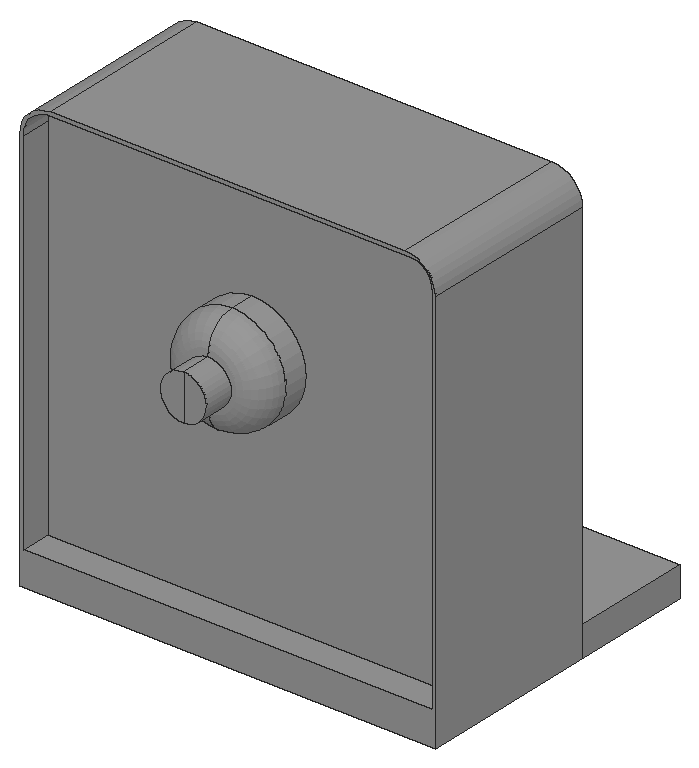
Revit family "Hand_Sink-Willoughby-CES-912", category Plumbing Fixtures, Revit 2015
Parameters (values of type "Standard")
  Waste DIA = 1 1/2"
  Waste Connection = yes
  Vent Connection = no
  URL = "https://www.willoughby-ind.com/wp-content/uploads/2018/01/CES-912-1.pdf"
  Revision = "A"
  Model = "CES-912"
  Manufacturer = "Willoughby Industries"
  HW Connection = no
  Fixture Body = Stainless Steel AISI 304-Willoughby
  Description = "Commercial Hand Sink"
  Default Elevation = 0' - 0"
  Contact = "(800) 428-4065"
  CW Connection = no
Reference planes (in)
  plane 1 "Center (Front/Back)": y = 0
  plane 2: z = 0
  plane 3 "Center (Left/Right)": x = 0
  plane 4 "Sink HGT": y = 34
  plane 5 "Top Of Unit": y = 38
  plane 6 "Bottom Of Sink": y = 28
  plane 7 "Left Side": x = -6.8125
  plane 8 "Right Side": x = 6.8125
  plane 9: z = 14.25
  plane 10 "Sink Center": z = 8.71079
Forms (in)
  Extrusion 1, solid, material "Stainless Steel AISI 304-Willoughby" <- "Fixture Body"
    sketch origin (0, 0, 0) x (0, 1, 0) y (0, 0, 1)
      loop
        line (38, 0) -> (38, 1) -> (34, 1) -> (34, 0) -> (38, 0)
    from -6.8125 to 6.8125
  Extrusion 2, solid, material "Stainless Steel AISI 304-Willoughby" <- "Fixture Body"
    sketch origin (0, 34, 0) x (-1, 0, 0) y (0, 0, 1)
      loop
        line (-6.8125, 0) -> (6.8125, 0) -> (6.8125, 13.25)
        arc (6.8125, 13.25) -> (6.51961, 13.95711) -> (5.8125, 14.25) r 1
        line (5.8125, 14.25) -> (-5.8125, 14.25)
        arc (-5.8125, 14.25) -> (-6.51961, 13.95711) -> (-6.8125, 13.25) r 1
        line (-6.8125, 13.25) -> (-6.8125, 0)
    from 0 to -6
  Extrusion 3, void
    sketch origin (0, 28, 0) x (-1, 0, 0) y (0, 0, 1)
      loop
        line (6.70152, 1.08579) -> (6.70152, 13.25)
        arc (6.70152, 13.25) -> (6.43572, 13.89171) -> (5.79401, 14.15751) r 0.90751
        line (5.79401, 14.15751) -> (-5.91507, 14.15751)
        arc (-5.91507, 14.15751) -> (-6.47542, 13.92541) -> (-6.70752, 13.36506) r 0.79245
        line (-6.70752, 13.36506) -> (-6.70752, 1.08579) -> (6.70152, 1.08579)
    from 0 to 1
  Extrusion 4, void
    sketch origin (0, 34, 0) x (-1, 0, 0) y (0, 0, 1)
      loop
        arc (-5.75, 4.83579) -> (-5.53033, 4.30546) -> (-5, 4.08579) r 0.75
        line (-5, 4.08579) -> (5, 4.08579)
        arc (5, 4.08579) -> (5.53033, 4.30546) -> (5.75, 4.83579) r 0.75
        line (5.75, 4.83579) -> (5.75, 12.58579)
        arc (5.75, 12.58579) -> (5.53033, 13.11612) -> (5, 13.33579) r 0.75
        line (5, 13.33579) -> (-5, 13.33579)
        arc (-5, 13.33579) -> (-5.53033, 13.11612) -> (-5.75, 12.58579) r 0.75
        line (-5.75, 12.58579) -> (-5.75, 4.83579)
    from 0 to -4.8125
  Revolve 5, solid, material "Stainless Steel AISI 304-Willoughby" <- "Fixture Body", detail levels medium+fine
    sketch origin (0, 0, 0) x (0, 1, 0) y (0, 0, 1)
      loop
        line (29.1875, 10.46079) -> (28.1875, 10.46079)
        arc (28.1875, 10.46079) -> (27.48039, 10.1679) -> (27.1875, 9.46079) r 1
        line (27.1875, 9.46079) -> (26.1875, 9.46079) -> (26.1875, 8.71079) -> (29.1875, 8.71079) -> (29.1875, 10.46079)
      axis (29.1875, 8.71079) -> (26.1875, 8.71079)
    angle from 0 to 360
Cuts and joins
  Extrusion 3, Extrusion 4 cuts Extrusion 2
Lines and regions (in)
  symbolic lines
    curve 1: line (-6.8125, 28, 0) -> (-6.8125, 38, 0)
    curve 2: line (-6.8125, 38, 0) -> (6.8125, 38, 0)
    curve 3: line (6.8125, 38, 0) -> (6.8125, 28, 0)
    curve 4: line (6.8125, 28, 0) -> (-6.8125, 28, 0)
    curve 12: line (-6.8125, 34, 0) -> (6.8125, 34, 0)
    curve 13: line (6.8125, 34, 0) -> (6.8125, 34, 13.25)
    curve 14: arc (6.8125, 34, 13.25) -> (6.51961, 34, 13.95711) -> (5.8125, 34, 14.25) r 1
    curve 15: line (5.8125, 34, 14.25) -> (-5.8125, 34, 14.25)
    curve 16: arc (-5.8125, 34, 14.25) -> (-6.51961, 34, 13.95711) -> (-6.8125, 34, 13.25) r 1
    curve 17: line (-6.8125, 34, 13.25) -> (-6.8125, 34, 0)
    curve 20: line (5.75, 34, 4.83579) -> (5.75, 34, 12.58579)
    curve 23: arc (5.75, 34, 12.58579) -> (5.53033, 34, 13.11612) -> (5, 34, 13.33579) r 0.75
    curve 30: line (0, 28, 0) -> (0, 34, 0)
    curve 31: line (0, 34, 0) -> (0, 34, 14.25)
    curve 32: line (0, 34, 14.25) -> (0, 28, 14.25)
    curve 33: line (0, 28, 14.25) -> (0, 28, 0)
  symbolic lines, detail levels medium+fine
    curve 5: line (-6.8125, 34, 0) -> (6.8125, 34, 0)
    curve 18: line (-6.8125, 34, 1) -> (6.8125, 34, 1)
    curve 34: line (0, 34, 1) -> (0, 38, 1)
    curve 35: line (0, 38, 1) -> (0, 38, 0)
    curve 36: line (0, 38, 0) -> (0, 34, 0)
  symbolic lines, detail levels fine
    curve 6: arc (1.75, 28, 0) -> (1.39937, 27.40991, 0) -> (0.75, 27.1875, 0) r 0.99453
    curve 7: line (0.75, 27.1875, 0) -> (0.75, 26.1875, 0)
    curve 8: line (0.75, 26.1875, 0) -> (-0.75, 26.1875, 0)
    curve 9: line (-0.75, 26.1875, 0) -> (-0.75, 27.1875, 0)
    curve 10: line (-0.75, 27.1875, 0) -> (0.75, 27.1875, 0)
    curve 11: arc (-0.75, 27.1875, 0) -> (-1.38201, 27.41753, 0) -> (-1.7183, 28, 0) r 0.98324
    curve 19: line (-5, 34, 4.08579) -> (5, 34, 4.08579)
    curve 21: line (5, 34, 13.33579) -> (-5, 34, 13.33579)
    curve 22: line (-5.75, 34, 12.58579) -> (-5.75, 34, 4.83579)
    curve 24: arc (-5, 34, 13.33579) -> (-5.53033, 34, 13.11612) -> (-5.75, 34, 12.58579) r 0.75
    curve 25: arc (-5.75, 34, 4.83579) -> (-5.53033, 34, 4.30546) -> (-5, 34, 4.08579) r 0.75
    curve 26: arc (5, 34, 4.08579) -> (5.53033, 34, 4.30546) -> (5.75, 34, 4.83579) r 0.75
    curve 27: arc (5.75, 34, 12.58579) -> (5.53033, 34, 13.11612) -> (5, 34, 13.33579) r 0.75
    curve 28: circle (0, 34, 8.71079) r 0.75 normal (0, 1, 0)
    curve 29: circle (0, 34, 8.71079) r 1.75 normal (0, 1, 0)
    curve 37: line (0, 27.1875, 9.46079) -> (0, 26.1875, 9.46079)
    curve 38: line (0, 26.1875, 9.46079) -> (0, 26.1875, 7.96079)
    curve 39: line (0, 26.1875, 7.96079) -> (0, 27.1875, 7.96079)
    curve 40: line (0, 27.1875, 7.96079) -> (0, 27.1875, 9.46079)
    curve 41: arc (0, 27.1875, 9.46079) -> (0, 27.4161, 10.10633) -> (0, 28, 10.46415) r 1.02577
    curve 42: arc (0, 27.1875, 7.96079) -> (0, 27.41753, 7.32878) -> (0, 28, 6.99249) r 0.98324
Dimensions and locks (in)
  equal spacing: plane 7 "Left Side", plane 3 "Center (Left/Right)", plane 8 "Right Side"
  plane 7 "Left Side" to plane 8 "Right Side" = 1' - 1 5/8"
  plane 4 "Sink HGT" to plane 6 "Bottom Of Sink" = 0' - 6"
  aligned and locked: Extrusion 1 to plane 4 "Sink HGT"
  aligned and locked: Extrusion 1 to level
  aligned and locked: plane 5 "Top Of Unit" to Extrusion 1
  aligned and locked: plane 7 "Left Side" to Extrusion 1
  aligned and locked: Extrusion 1 to plane 8 "Right Side"
  aligned and locked: Extrusion 2 to plane 8 "Right Side"
  aligned and locked: plane 7 "Left Side" to Extrusion 2
  aligned and locked: plane 9 to Extrusion 2
  aligned and locked: Extrusion 2 to level
  aligned and locked: Extrusion 2 to plane 6 "Bottom Of Sink"
  aligned and locked: plane 4 "Sink HGT" to Extrusion 2
  aligned and locked: Extrusion 2 to Extrusion 3
Automatic sketch dimensions
  Extrusion 1 sketch curve to plane 4 "Sink HGT" = 0' - 0"
  plane 5 "Top Of Unit" to Extrusion 1 sketch curve = 0' - 0"
  Extrusion 1 sketch curve to level = 0' - 0"
  level to Extrusion 1 sketch curve = 0' - 1"
  Extrusion 2 sketch curve to level = 0' - 0"
  plane 8 "Right Side" to Extrusion 2 sketch curve = 0' - 0"
  Extrusion 2 sketch curve to plane 9 = 0' - 0"
  plane 7 "Left Side" to Extrusion 2 sketch curve = 0' - 0"
  plane 8 "Right Side" to Extrusion 2 sketch curve = 0' - 1"
  Extrusion 2 sketch curve to plane 7 "Left Side" = 0' - 1"
  plane 8 "Right Side" to Extrusion 3 sketch curve = 0' - 0.10498"
  Extrusion 3 sketch curve to plane 9 = 0' - 0.09249"
  plane 8 "Right Side" to Extrusion 3 sketch curve = 0' - 0.89743"
  Extrusion 3 sketch curve to plane 7 "Left Side" = 0' - 1.01849"
  Extrusion 3 sketch curve to plane 7 "Left Side" = 0' - 0.11098"
  level to Extrusion 3 sketch curve = 0' - 1.08579"
  plane 8 "Right Side" to Extrusion 4 sketch curve = 0' - 1 1/16"
  Extrusion 4 sketch curve to Extrusion 4 sketch curve = 0' - 0 3/4"  (x3)
  Extrusion 4 sketch curve to plane 7 "Left Side" = 0' - 1 13/16"  (x2)
  level to Extrusion 4 sketch curve = 0' - 4.08579"
  Extrusion 4 sketch curve to plane 9 = 0' - 1.66421"
  Revolve 5 sketch curve to plane 10 "Sink Center" = 0' - 0"  (x2)
  Revolve 5 sketch curve to plane 6 "Bottom Of Sink" = 0' - 1 13/16"
  Revolve 5 sketch curve to plane 6 "Bottom Of Sink" = 0' - 0 13/16"
  plane 6 "Bottom Of Sink" to Revolve 5 sketch curve = 0' - 0 3/16"
  Revolve 5 sketch curve to Revolve 5 sketch curve = 0' - 1"
  plane 10 "Sink Center" to Revolve 5 sketch curve = 0' - 0 3/4"
  Revolve 5 sketch curve to Revolve 5 sketch curve = 0' - 0"  (x2)
  curve 1 to plane 5 "Top Of Unit" = 0' - 0"
  curve 1 to plane 7 "Left Side" = 0' - 0"
  curve 6 to plane 6 "Bottom Of Sink" = 0' - 0"
  curve 5 to plane 4 "Sink HGT" = 0' - 0"
  curve 5 to plane 8 "Right Side" = 0' - 0"
  plane 6 "Bottom Of Sink" to curve 11 = 0' - 0.17074"
  curve 11 to plane 3 "Center (Left/Right)" = 0' - 0 3/4"
  plane 3 "Center (Left/Right)" to curve 7 = 0' - 0 3/4"
  plane 6 "Bottom Of Sink" to curve 6 = 0' - 0.18178"
  plane 3 "Center (Left/Right)" to curve 6 = 0' - 0.77222"
  curve 9 to plane 6 "Bottom Of Sink" = 0' - 0 13/16"
  curve 8 to curve 9 = 0' - 1"
  curve 23 to curve 27 = 0' - 0"  (x2)
  curve 28 to curve 29 = 0' - 0"  (x2)
  curve 12 to level = 0' - 0"
  plane 8 "Right Side" to curve 12 = 0' - 0"
  curve 14 to plane 9 = 0' - 0"
  curve 28 to plane 3 "Center (Left/Right)" = 0' - 0"
  plane 7 "Left Side" to curve 16 = 0' - 0"
  curve 28 to plane 10 "Sink Center" = 0' - 0"
  curve 14 to curve 14 = 0' - 1"
  plane 8 "Right Side" to curve 20 = 0' - 1 1/16"
  curve 20 to curve 26 = 0' - 0 3/4"
  curve 20 to curve 27 = 0' - 0 3/4"
  curve 25 to plane 7 "Left Side" = 0' - 1 13/16"
  curve 21 to plane 7 "Left Side" = 0' - 1 13/16"
  curve 24 to curve 22 = 0' - 0 3/4"
  curve 24 to curve 16 = 0' - 0 1/16"
  level to curve 19 = 0' - 4.08579"
  curve 20 to curve 14 = 0' - 0.66421"
  level to curve 18 = 0' - 1"
  curve 32 to plane 6 "Bottom Of Sink" = 0' - 0"
  curve 31 to plane 4 "Sink HGT" = 0' - 0"
  curve 35 to level = 0' - 0"
  curve 35 to plane 5 "Top Of Unit" = 0' - 0"
  curve 32 to plane 9 = 0' - 0"
  curve 39 to plane 6 "Bottom Of Sink" = 0' - 0 13/16"
  curve 37 to curve 37 = 0' - 1"
  plane 6 "Bottom Of Sink" to curve 42 = 0' - 0.17074"
  plane 6 "Bottom Of Sink" to curve 41 = 0' - 0.21327"
  level to curve 34 = 0' - 1"
  curve 42 to plane 10 "Sink Center" = 0' - 0 3/4"
  plane 10 "Sink Center" to curve 37 = 0' - 0 3/4"
  radius of curve 28 = 0' - 0 3/4"
  radius of curve 29 = 0' - 1 3/4"
Connectors (in)
  piping at (0, 26.1875, 8.71079), diameter 1.5, driven by "Waste DIA", driven by "Waste Connection"
    settings: on Revolve 5, index 1, connector inside diameter 24", connector length 0' - 0", flow factor 0, pipe flow 0 GPM, pressure drop 0.00 psi, fitting loss kfactor 0, connector angle 0.00°, fixture units 0, engagement length 0' - 0", angle of deflection 0.00°, flow configuration 0, flow direction 2, fitting loss method 0, system type 16, joint type 0, gender type 0, connector reference index -1, connector utility 1, adjustable connector no, is connector primary yes, connector description ""
